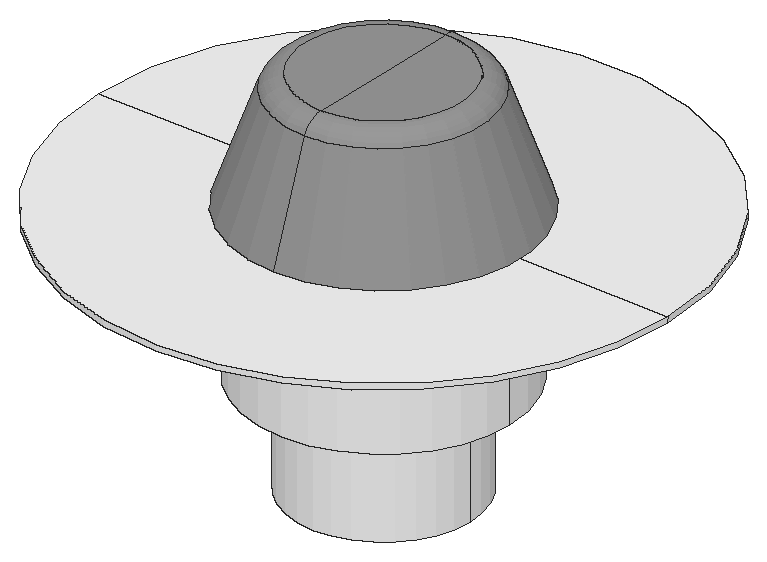
Revit family "HL_Dachablauf_HL62P-B-221103", category Instalační zařizovací předměty, Revit 2021
Family settings
  Kóta kulaté spojky = Použít průměr
  Typ dílu = Normální
  Číslo OmniClass = 23.70.50.21.24.14
  Nadpis OmniClass = Deck Waste Water Drains
  Založené na pracovní rovině = Ne
  Vždy vertikální = Ano
  Ořezat dutým tvarem při načtení = Ne
  Sdílené = Ne
  Bod výpočtu místnosti = Ano
Parameters (values of type "HL_Dachablauf_HL62P_1")
  Výchozí výška = 0 mm
  Výrobce = "HL Hutterer & Lechner GmbH"  # constant formula
  VOLUMENSTROM [instance] = 0.0 L/s
  URL = "http://www.hutterer-lechner.com/de/products/catalog/roof-drains/HL62P/1.aspx"
  RECHTSAUSKUNFT = "Urheberrechte (©), Designrechte und alle anderen Rechte am geistigen Eigentum, sind ausschließlich Eigentum der Firma HL Hutterer&Lechner GmbH. Änderungen sind nicht gestattet. Die Familien (Teile) sind mit Wasserzeichen geschützt."
  MATERIAL = "PP/PVC"
  LEISTUNG = "7,85 l/s"
  GEWICHT = "1,12 [kg]"
  EINLAUFROST = "Laubfangkorb d 145 mm"
  EINBAUHÖHE = "100 mm"
  EAN = "9003076022090"
  DURCHMESSER = 110 mm
  DIMENSION = "DN110"
  Abdeckung Material [instance] = none
  Přípoj ventilace = no
  Přípoj odpadních dílů = yes
  Přípoj HW = no
  Přípoj CW = no
  Popis = "Dachabläufe"
  Model = "HL62P_1"
  Assembly Code = " "
  Komentáře k typům = "HL62P/1 Dachablauf DN110 mit PVC_Kragen,"
  Keynote = "HL62P_1"
  Einbauhöhe [instance] = 0 mm
  G [instance] = 180.00°  # constant formula
  D [instance] = if(DURCHMESSER = 75 mm, 58 mm, 60 mm) + Einbauhöhe  # 60 mm
  C [instance] = if(Einbauhöhe - 68 mm < 0 mm, 0 mm, Einbauhöhe - 68 mm)  # 0 mm
  B [instance] = 100 mm  # constant formula
  A [instance] = if(B - 100 mm > 15 mm, B - 100 mm, 15 mm)  # 15 mm
Types (5, lengths in mm): name | URL | LEISTUNG | GEWICHT | EAN | DURCHMESSER | DIMENSION | Model | Komentáře k typům | Keynote | D
  (no name) | "http://www.hutterer-lechner.com/de/products/catalog/roof-drains/HL62P/7.aspx" | "7,4 l/s" | "1,24 [kg]" | "9003076022144" | 75 | "DN75" | "HL62P_7" | "HL62P/7 Dachablauf DN75 mit PVC_Kragen," | "HL62P_7" | 58
  HL_Dachablauf_HL62P_1 | "http://www.hutterer-lechner.com/de/products/catalog/roof-drains/HL62P/1.aspx" | "7,85 l/s" | "1,12 [kg]" | "9003076022090" | 110 | "DN110" | "HL62P_1" | "HL62P/1 Dachablauf DN110 mit PVC_Kragen," | "HL62P_1" | 60
  HL_Dachablauf_HL62P_2 | "http://www.hutterer-lechner.com/de/products/catalog/roof-drains/HL62P/2.aspx" | "10,75 l/s" | "1,16 [kg]" | "9003076022113" | 125 | "DN125" | "HL62P_2" | "HL62P/2 Dachablauf DN125 mit PVC_Kragen," | "HL62P_2" | 60
  HL_Dachablauf_HL62P_5 | "http://www.hutterer-lechner.com/de/products/catalog/roof-drains/HL62P/5.aspx" | "11,1 l/s" | "1,26 [kg]" | "9003076022120" | 160 | "DN160" | "HL62P_5" | "HL62P/5 Dachablauf DN160 mit PVC_Kragen," | "HL62P_5" | 60
  HL_Dachablauf_HL62P_7 | "http://www.hutterer-lechner.com/de/products/catalog/roof-drains/HL62P/7.aspx" | "7,4 l/s" | "1,24 [kg]" | "9003076022144" | 75 | "DN75" | "HL62P_7" | "HL62P/7 Dachablauf DN75 mit PVC_Kragen," | "HL62P_7" | 58
Reference planes
  plane 1 "Center (Front/Back)": y = 0
  plane 2: z = 0
  plane 3 "Center (Left/Right)": x = 0
  plane 4: z = -100
  plane 5: z = 0
Lines and regions (mm)
  model lines, style "InvisibleLines"
    curve 1: line (0, 0, 0) -> (0, 0, 20)
  model lines, style "PlumbingFixtures", detail levels coarse+medium
    curve 2: line (0, 0, -100) -> (0, 0, -85)
    curve 3: line (0, 0, -85) -> (-85, 0, 0)
    curve 4: line (0, 0, -85) -> (85, 0, 0)
    curve 6: line (0, 0, -100) -> (0, 0, -160)
  reference lines, not visible
    curve 5: line (0, 0, -100) -> (0, 0, -160)
  symbolic lines, style "PlumbingFixtures", detail levels coarse+medium
    curve 7: line (-75, 75, 0) -> (75, 75, 0)
    curve 8: line (-75, -75, 0) -> (-75, 75, 0)
    curve 9: line (75, -75, 0) -> (-75, -75, 0)
    curve 10: line (75, 75, 0) -> (75, -75, 0)
    curve 11: line (-75, 75, 0) -> (-145.711, 145.711, 0)
    curve 12: line (75, 75, 0) -> (145.711, 145.711, 0)
    curve 13: line (-75, -75, 0) -> (-145.711, -145.711, 0)
    curve 14: line (75, -75, 0) -> (145.711, -145.711, 0)
  symbolic lines, style "PlumbingFixtures", not visible, detail levels coarse+medium
    curve 15: line (-75, 75, 0) -> (75, 75, 0)
    curve 16: line (-75, -75, 0) -> (-75, 75, 0)
    curve 17: line (75, -75, 0) -> (-75, -75, 0)
    curve 18: line (75, 75, 0) -> (75, -75, 0)
    curve 19: line (-75, 75, 0) -> (-145.711, 145.711, 0)
    curve 20: line (75, 75, 0) -> (145.711, 145.711, 0)
    curve 21: line (-75, -75, 0) -> (-145.711, -145.711, 0)
    curve 22: line (75, -75, 0) -> (145.711, -145.711, 0)
Text (mm)
  text "FLOOR" at (-162.344, 0, -10.979), in view "Drain Construction View"
Dimensions and locks
  "B": plane 2 to plane 4
  "Einbauhöhe": plane 2 to plane 5
  "A": curve 4 to plane 4
  "D": curve 5 to curve 5
  "D": curve 6 to curve 6
  locked: curve 4 to plane 3 "Center (Left/Right)" (angle 45.00°)
  locked: plane 3 "Center (Left/Right)" to curve 3 (angle 45.00°)
  "G": angle curve 5 to plane 3 "Center (Left/Right)"
  aligned and locked: level to plane 2
  aligned and locked: plane 2 to curve 4
  aligned and locked: plane 2 to curve 3
  aligned and locked: plane 4 to curve 5
  aligned and locked: plane 3 "Center (Left/Right)" to curve 5
  aligned and locked: plane 4 to curve 2
  aligned and locked: curve 6 to plane 3 "Center (Left/Right)"
  aligned and locked: curve 6 to plane 4
  aligned and locked: nested 1 to plane 5
  aligned and locked: plane 3 "Center (Left/Right)" to nested 1
  aligned and locked: plane 2 to nested 2
  aligned and locked: plane 3 "Center (Left/Right)" to nested 2
Automatic sketch dimensions
  curve 2 to plane 3 "Center (Left/Right)" = 0 mm
  curve 1 to plane 3 "Center (Left/Right)" = 0 mm
  curve 1 to level = 0 mm
  level to curve 1 = 20 mm
Nested families
  nested 1: "HL_Dachablaufkörper_HL62P" at (0, 0, 0), DURCHMESSER <- "DURCHMESSER", type "HL_Dachablaufkörper_HL62P"
    with L 64 mm, DURCHMESSER 110 mm
  nested 2: "HL_Zubehör_HL062.1E" at (0, 0, 0), type "HL_Zubehör_HL062.1E"
Connectors
  piping at (0, 0, -160), diameter 110, driven by "VOLUMENSTROM", driven by "DURCHMESSER"
    settings: on curve 5, index 1, connector inside diameter 609.6 mm, connector length 0 mm, flow factor 0, pipe flow 0.0 L/s, pressure drop 0.0 Pa, fitting loss kfactor 0, connector angle 0.00°, fixture units 0, engagement length 0 mm, angle of deflection 0.00°, flow configuration 1, flow direction 2, fitting loss method 0, system type 16, joint type 0, gender type 0, connector reference index -1, connector utility 0, adjustable connector yes, is connector primary yes, connector description ""
Definition of nested family "HL_Dachablaufkörper_HL62P"
  Parameters (values of type "HL_Dachablaufkörper_HL62P")
    Default Elevation = 0 mm
    Manufacturer = ""
    URL = ""
    Description = ""
    Model = ""
    L [instance] = if(DURCHMESSER = 75 mm, 62 mm, 64 mm)  # 64 mm
    Type Comments = ""
    DURCHMESSER [instance] = 110 mm
    Cost = 0
  Reference planes
    plane 1 "Střed (vpředu/vzadu)": y = 0
    plane 2: z = 0
    plane 3 "Střed (vlevo/vpravo)": x = 0
    plane 4: z = -96
  Forms (mm)
    Revolve 1, solid, detail levels fine
      sketch origin (0, 0, 0) x (1, 0, 0) y (0, 0, 1)
        loop
          line (-180, -3.5) -> (-82.249, -3.5) -> (-82.249, -17.614) -> (-80.086, -21.361) -> (-80.086, -96) -> (0, -96) -> (0, -32.798) -> (-64.677, -32.798) -> (-66.635, -30.2) -> (-74.72, -30.2) -> (-74.72, -23.557) -> (-78.967, -16.49) -> (-78.967, 0) -> (-180, 0) -> (-180, -3.5)
        axis (0, 0) -> (0, -96)
      angle from 0 to 360
    Extrusion 2, solid, detail levels fine
      sketch origin (-80.086, -1524, -96) x (-1, 0, 0) y (0, -1, 0)
        loop
          circle (-80.086, -1524) r 55
      from 0 to -64
  Dimensions and locks
    "L": plane 4 to Extrusion 2
    "DURCHMESSER": diameter of Extrusion 2 sketch curve
    aligned and locked: level to plane 2
  Automatic sketch dimensions
    Revolve 1 sketch curve to level = 0 mm
    Revolve 1 sketch curve to plane 3 "Střed (vlevo/vpravo)" = 0 mm  (x2)
    Revolve 1 sketch curve to plane 3 "Střed (vlevo/vpravo)" = 64.677 mm
    Revolve 1 sketch curve to level = 30.2 mm
    Revolve 1 sketch curve to Revolve 1 sketch curve = 1.958 mm
    Revolve 1 sketch curve to level = 23.557 mm
    Revolve 1 sketch curve to Revolve 1 sketch curve = 8.085 mm
    Revolve 1 sketch curve to Revolve 1 sketch curve = 4.247 mm
    Revolve 1 sketch curve to Revolve 1 sketch curve = 1.12 mm
    Revolve 1 sketch curve to Revolve 1 sketch curve = 3.283 mm
    Revolve 1 sketch curve to level = 3.5 mm
    Revolve 1 sketch curve to Revolve 1 sketch curve = 97.751 mm
    Revolve 1 sketch curve to Revolve 1 sketch curve = 2.599 mm
    Revolve 1 sketch curve to Revolve 1 sketch curve = 63.201 mm
    Revolve 1 sketch curve to Revolve 1 sketch curve = 2.197 mm
    Revolve 1 sketch curve to Revolve 1 sketch curve = 3.747 mm
    Revolve 1 sketch curve to Revolve 1 sketch curve = 1.124 mm
    level to Revolve 1 sketch curve = 45 mm
    Revolve 1 sketch curve to Revolve 1 sketch curve = 80 mm
    plane 1 "Střed (vpředu/vzadu)" to Extrusion 2 sketch curve = 0 mm
    Extrusion 2 sketch curve to plane 3 "Střed (vlevo/vpravo)" = 0 mm
Definition of nested family "HL_Zubehör_HL062.1E"
  Parameters (values of type "HL_Zubehör_HL062.1E")
    Default Elevation = 0 mm
    Manufacturer = "HL Hutterer & Lechner GmbH"
    URL = "http://www.hutterer-lechner.com/de/products/catalog/roof-drains/HL062.1E.aspx"
    Abdeckung Material = none
    RECHTSAUSKUNFT = "Urheberrechte (©), Designrechte und alle anderen Rechte am geistigen Eigentum, sind ausschließlich Eigentum der Firma HL Hutterer&Lechner GmbH. Änderungen sind nicht gestattet. Die Familien (Teile) sind mit Wasserzeichen geschützt."
    Description = "Dachabläufe"
    Model = "HL062.1E"
    Type Comments = "HL062.1E, Laubfangkorb"
    Keynote = "HL062.1E"
    GEWICHT = "0,097 [kg]"
    Volumenstrom [instance] = 0.0 L/s
    EAN = "9003076006212"
    Cost = 0
  Values of the unnamed type that differ from the named types
    Manufacturer = ""
    URL = ""
    RECHTSAUSKUNFT = ""
    Description = ""
    Model = ""
    Type Comments = "HL062.1E, domed plastic grate"
    Keynote = ""
  Reference planes
    plane 1 "Střed (vpředu/vzadu)": y = 0
    plane 2: z = 0
    plane 3 "Střed (vlevo/vpravo)": x = 0
  Forms (mm)
    Revolve 1, solid, detail levels fine
      sketch origin (0, 0, 0) x (0, 1, 0) y (0, 0, 1)
        loop
          line (0, 75) -> (0, 60.2) -> (47.074, 60.2) -> (68.985, 0) -> (86.249, 0) -> (61.992, 66.646)
          arc (61.992, 66.646) -> (56.733, 72.731) -> (49.016, 75) r 14.255
          line (49.016, 75) -> (0, 75)
        axis (0, 75) -> (0, 0)
      angle from 0 to 360
    Extrusion 2, solid, detail levels fine
      sketch origin (0, 0, 0) x (0, 1, 0) y (1, 0, 0)
        loop
          circle (0, 0) r 78.587
        loop
          circle (0, 0) r 70.981
      from 0 to 16.7
    Extrusion 3, solid, detail levels fine
      sketch origin (0, 0, -16.7) x (-1, 0, 0) y (0, 1, 0)
        loop
          circle (0, 0) r 70
        loop
          circle (0, 0) r 74.546
      from 0 to 12.3
  Dimensions and locks
    aligned and locked: level to plane 2
